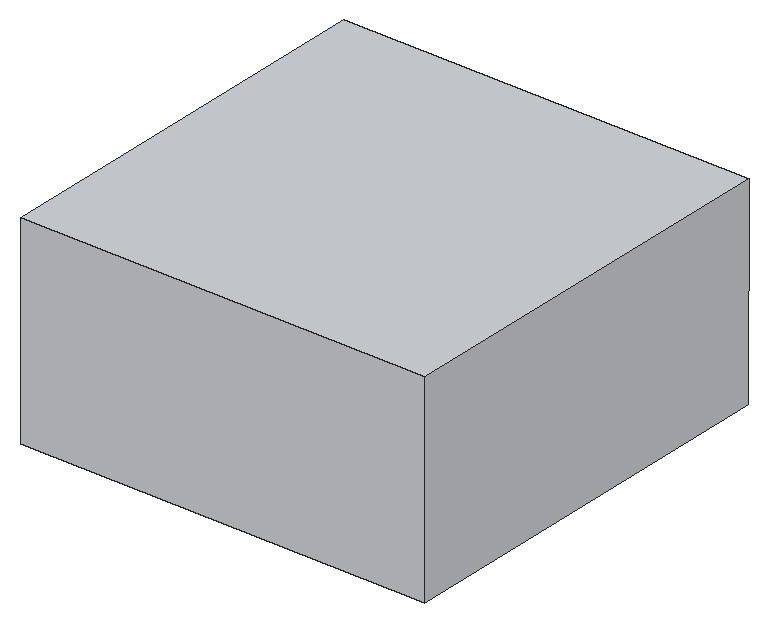
Revit family "Junction Box", category Electrical Fixtures, host Face, Revit 2025
Family settings
  Host = Face
  Round Connector Dimension = Use Diameter
  Part Type = Junction Box
  Cut with Voids When Loaded = No
  Maintain Annotation Orientation = Yes
  Shared = No
  Room Calculation Point = No
Parameters (values of type "Wall Mounted")
  Width = 3"
  Wall Mounted = not(Face Mounted)  # yes
  Symbol Distance [instance] = 0"
  Rotate Symbol [instance] = no
  Height = 3"
  Face Mounted = no
  Depth - Top = Depth * 2 / 3  # 1"
  Depth - Back = Depth * 1 / 3  # 1/2"
  Depth = 1 1/2"
  Default Elevation = 48"
Types (2): name | Wall Mounted | Rotate Symbol | Face Mounted
  Face Mounted | no | yes | yes
  Wall Mounted | yes | no | no
Reference planes (in)
  plane 1 "Center (Front/Back)": y = 0
  plane 2: z = 0
  plane 3 "Center (Left/Right)": x = 0
  plane 4: z = 1
  plane 5 "base": z = -0.5
Forms (in)
  Extrusion 1, solid, detail levels medium+fine
    sketch origin (0, 0, -0.5) x (-1, 0, 0) y (0, -1, 0)
      loop
        line (1.5, -1.5) -> (1.5, 1.5) -> (-1.5, 1.5) -> (-1.5, -1.5) -> (1.5, -1.5)
    from 0 to 1.5
Dimensions and locks (in)
  equal spacing: Extrusion 1 sketch curve, plane 3 "Center (Left/Right)", Extrusion 1 sketch curve
  "Width": Extrusion 1 sketch curve to Extrusion 1 sketch curve
  "Height": Extrusion 1 sketch curve to Extrusion 1 sketch curve
  equal spacing: Extrusion 1 sketch curve, plane 1 "Center (Front/Back)", Extrusion 1 sketch curve
  "Depth - Back": plane 2 to plane 5 "base"
  "Depth - Top": plane 4 to plane 2
  aligned and locked: plane 2 to host face
  aligned and locked: level to host face
  aligned and locked: plane 4 to Extrusion 1
Automatic sketch dimensions
  host sketch curve to host sketch curve = 96"  (x2)
Nested families (in)
  nested 1: "Face Mounted" at (0, 0, 0), visible <- "Face Mounted", type "Standard"
  nested 2: "Wall Mounted" at (0, 0, 0), visible <- "Wall Mounted", type "Standard"
Connectors (in)
  electrical at (0, 0, 1)
    settings: on Extrusion 1, index 1, voltage 0 V, apparent load 0 VA, apparent load phase1 0 VA, apparent load phase2 0 VA, apparent load phase3 0 VA, power factor 1, load classification "Other", number of poles 1, system type 31, power factor state 1, is connector primary yes, connector utility no, sub classification motor no, connector description ""
Definition of nested family "Face Mounted"
  Parameters (values of type "Standard")
    Rotate = yes
    Not Rotate = not(Rotate)  # no
  Reference planes (in)
    plane 1: y = 0
    plane 2: x = 0
  Lines and regions (in)
    detail lines
      curve 1: circle (0, 0, 0) r 0.125 normal (0, 0, 1)
  Text (in)
    text "J" at (-0.00148, 0.0006, 0), visible <- "Not Rotate"
    text "J" at (-0.00148, 0.0006, 0), visible <- "Rotate"
Definition of nested family "Wall Mounted"
  Parameters (values of type "Standard")
    Symbol Distance = 0"
    Rotate = yes
    Not Rotate = not(Rotate)  # no
  Reference planes (in)
    plane 1: y = 0
    plane 2: x = 0
  Lines and regions (in)
    detail lines
      curve 1: circle (0, 0.125, 0) r 0.125 normal (0, 0, 1)
    reference lines
      curve 2: line (-0.1189, 0, 0) -> (0.1311, 0, 0)
    detail lines, not visible
      curve 3: circle (0, 0.125, 0) r 0.125 normal (0, 0, 1)
    reference lines, not visible
      curve 4: line (-0.1189, 0, 0) -> (0.1311, 0, 0)
  Text (in)
    text "J" at (-0.00148, 0.1256, 0), visible <- "Not Rotate"
    text "J" at (-0.00148, 0.1256, 0), not visible
    text "J" at (-0.00148, 0.1256, 0), visible <- "Rotate"
    text "J" at (-0.00148, 0.1256, 0), not visible
  Dimensions and locks (in)
    "Symbol Distance": plane 1 to curve 2
